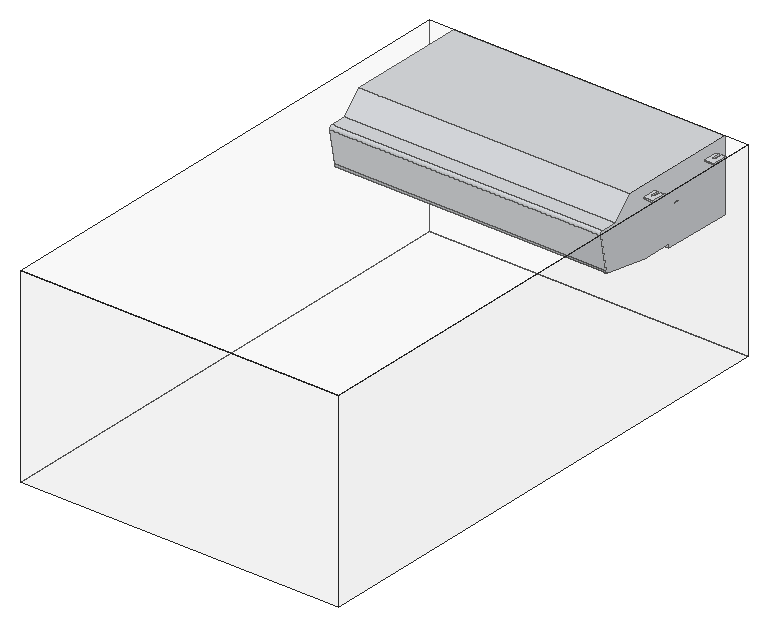
Revit family "pcfy-rp80_140hmg9_50hz", category 機械設備, Revit 2019
Family settings
  丸型コネクタ寸法 = 直径を使用
  パーツ タイプ = 標準
  OmniClass 番号 = 23.75.10.24.21.27.27
  OmniClass タイトル = Split System Air Conditioning Units
  作業面ベース = いいえ
  常に垂直 = はい
  ロード時にボイドで切り取り = いいえ
  共有 = いいえ
  部屋計算ポイント = はい
Parameters (values of type "厨房天吊_PCFY-P80HMG9")
  風量_強 (m3/min) = 19
  風量_弱 (m3/min) = 14
  風量 = MAX風量  # 1140.0 m³/h
  音響パワーレベル（弱）(dB) = 54
  音響パワーレベル(dB) = 57
  電源種別 = ""
  電源_H = 0 mm
  電圧 = 200 V
  電動機出力_送風機 = 0.04 kW
  運転質量 = 0.00 kg
  連動 = ""
  質量 = if(製品質量 > 運転質量, 製品質量, 運転質量) * 1.2  # 49.20 kg
  負荷分類 = 3_ファン類
  構成品番 = "PCFY-P80HMG9"
  冷媒液管位置 = 174 mm
  冷媒ガス管位置 = 197 mm
  ドレン管径 (外径) = 32 mm
  【値が 0 の項目は組合せ形名にてご確認ください】 = ""
  MIN風量 = [風量_弱 (m3/min)] * 60.0 m³/h  # 840.0 m³/h
  MAX風量 = [風量_強 (m3/min)] * 60.0 m³/h  # 1140.0 m³/h
  サービススペース = yes
  ケーブルサイズ = 1.6 mm
  Version = ""
  URL = "https://www.mitsubishielectric.co.jp/ldg/wink/ssl/displayProduct.do?pid=321247"
  Line = not(Width = 1136 mm)  # no
  説明 = "ビル用マルチ 天吊形室内機(厨房用)"
  設計暖房能力 = 0.00 kW
  設計冷房能力_顕熱 = 0 kW
  設計冷房能力 = 0 kW
  設置方法 = "天井吊形"
  記号 = ""
  製造元 = "三菱電機株式会社"
  製品質量 = 41.00 kg
  製品出荷対象 = "国内"
  製品リリース年月 = "2022/9/15"
  製品グループ = ""
  系統 = ""
  符号 = "ACP_CRK"
  積算_科目 = "1 空気調和設備"
  積算_拾い区分 [instance] = ""
  相 = 1
  盤記号 = ""
  発停方法 = "付属スイッチ"
  特殊仕様 = ""
  火災停止 = ""
  消費電力_暖房 = 0.13 kW
  消費電力_冷房 = 0.13 kW
  消費電力 = if(消費電力_冷房 > 消費電力_暖房, 消費電力_冷房, 消費電力_暖房)  # 0.13 kW
  法定耐用年数 = "6"
  極数 = 1
  材質 = ""
  本体マテリアル = none
  有効加湿量 = 0
  暖房能力 = 9.00 kW
  推奨ブレーカー容量 = 15 A
  形式_加湿器 = ""
  形式 = "厨房用天井吊（露出）形"
  幹線記号 = ""
  始動方式 = "直入"
  呼称 = "室内機_厨房用天井吊（露出）形"
  周波数 = 50 Hz
  吊り位置Y = 320 mm
  吊り位置X = 1180 mm
  吊りボルト_H = 43 mm
  台数_手元リモコン = ""
  台数_冷媒分岐ユニット = ""
  参照している仕様書等のバージョン = "公共建築工事標準仕様書（機械設備工事編）平成31年度版"
  加湿給水管径 = 0.00 mm
  分類コード = "50053003221080"
  分類グループ = ""
  冷房能力 = 8 kW
  冷媒高低圧ガス管径 = 0.00 mm
  冷媒管径符号 = "Bd"
  冷媒管径 = 100.00 mm
  冷媒液管高さ = 165 mm
  冷媒液管径 = 9.52 mm
  冷媒ガス管高さ = 165 mm
  冷媒ガス管径 = 15.88 mm
  企業コード = "108420"
  付属品_フィルター = ""
  付属品 = ""
  仕様書バージョン = "Version1.0"
  Model = ""
  パネルマテリアル = none
  ドレン管高さ = 254 mm
  ドレン管径 = 25.00 mm
  コメント [instance] = ""
  ケーブル種類 = ""
  Width = 1136 mm
  Uniclass2015Version = "Systems v1.9"
  Uniclass2015Title = "Split coil remote air cooled condensing units"
  Uniclass2015Code = "Pr_70_65_03_84"
  SpecificationReference = ""
  SpecificationDescription = ""
  S_H = 295 mm
  Revision = ""
  ProductInformation = ""
  OmniClassCode = "23-33 17 13 11"
  IfcTypeProduct = ""
  IfcProduct = ""
  IfcExportType = "AIRCONDITIONINGUNIT"
  IfcExportAs = "IfcUnitaryEquipmentType"
  Height = 280 mm
  Depth = 650 mm
  価格 = 0
  Clearance Top = 2 mm
  Clearance Right = 100 mm
  Clearance Left = 100 mm
  Clearance Front = 1500 mm
  Clearance Bottom = 500 mm
  Clearance Back = 0 mm
  Author = "三菱電機株式会社"
Types (2, lengths in mm): name | 風量_強 (m3/min) | 風量_弱 (m3/min) | 風量 | 音響パワーレベル（弱）(dB) | 音響パワーレベル(dB) | 電動機出力_送風機 | 質量 | 構成品番 | MIN風量 | MAX風量 | URL | Line | 製品質量 | 消費電力_暖房 | 消費電力_冷房 | 消費電力 | 暖房能力 | 吊り位置X | 冷房能力 | Width
  厨房天吊_PCFY-P80HMG9 | 19 | 14 | 1140.0 m³/h | 54 | 57 | 0.04 kW | 49.20 kg | "PCFY-P80HMG9" | 840.0 m³/h | 1140.0 m³/h | "https://www.mitsubishielectric.co.jp/ldg/wink/ssl/displayProduct.do?pid=321247" | no | 41.00 kg | 0.13 kW | 0.13 kW | 0.13 kW | 9.00 kW | 1180 | 8 kW | 1136
  厨房天吊_PCFY-P140HMG9 | 38 | 28 | 2280.0 m³/h | 61 | 68 | 0.16 kW | 67.20 kg | "PCFY-P140HMG9" | 1680.0 m³/h | 2280.0 m³/h | "https://www.mitsubishielectric.co.jp/ldg/wink/ssl/displayProduct.do?pid=321258" | yes | 56.00 kg | 0.30 kW | 0.30 kW | 0.30 kW | 16.00 kW | 1564 | 14 kW | 1520
Reference planes
  plane 1 "中心(正面/背面)": y = 0
  plane 2: z = 0
  plane 3 "中心(左/右)": x = 0
  plane 4: x = 523
  plane 5: z = 3835
  plane 6: x = 438
  plane 7: z = 3835
  plane 8: x = 463
  plane 9: z = 3746
  plane 10: x = 668
  plane 11: x = 568
  plane 12: x = -668
  plane 13: x = -568
  plane 14: y = -650
  plane 15: z = -280
  plane 16: y = -2150
  plane 17: x = -590
  plane 18: x = 590
  plane 19: z = -795
  plane 20: z = -295
  plane 21: x = 558.3
  plane 22: y = -80
  plane 23: y = -400
  plane 24: y = -325
  plane 25: y = -197
  plane 26: y = -174
  plane 27: y = -70
  plane 28: z = -43
  plane 29: z = -165
  plane 30: z = -254
  plane 31: x = 523
  plane 32: x = 438
  plane 33: x = 463
  plane 34: x = 463
  plane 35: z = 3746
  plane 36: z = 2
  plane 37: z = -95
  plane 38: z = -165
Forms (mm)
  Extrusion 1, solid, detail levels fine
    sketch origin (0, -325, -4000) x (0, 1, 0) y (0, 0, 1)
      loop
        line (325, 4000) -> (-171.734, 4000) -> (-246.938, 3924.796) -> (-313.202, 3924.796)
        arc (-313.202, 3924.796) -> (-322.395, 3920.509) -> (-325.02, 3910.712) r 12
        line (-325.02, 3910.712) -> (-299.97, 3768.648)
        arc (-299.97, 3768.648) -> (-294.972, 3759.046) -> (-285.369, 3754.047) r 18
        line (-285.369, 3754.047) -> (-92.277, 3720) -> (35.069, 3720) -> (35.069, 3705) -> (325, 3705) -> (325, 4000)
    from -568 to 568
  Extrusion 2, solid, detail levels fine
    sketch origin (0, 0, 0) x (0, 0, -1) y (-1, 0, 0)
      loop
        circle (165.005, -523) r 7.94
    from -325 to -197
  Extrusion 3, solid, detail levels fine
    sketch origin (0, 0, 0) x (0, 0, -1) y (-1, 0, 0)
      loop
        circle (165.005, -438) r 4.76
    from -174 to -325
  Extrusion 4, solid, detail levels fine
    sketch origin (0, 0, 0) x (0, 0, -1) y (-1, 0, 0)
      loop
        circle (254.005, -463) r 16
    from -70 to -325
  Extrusion 5, solid, detail levels fine
    sketch origin (0, 0, -4000) x (1, 0, 0) y (0, 1, 0)
      loop
        line (568, -370) -> (568, -430) -> (612, -430) -> (612, -370) -> (595, -370) -> (595, -400)
        arc (595, -400) -> (590, -405) -> (585, -400) r 5
        line (585, -400) -> (585, -370) -> (568, -370)
    from 3954.5 to 3959.5
  Extrusion 6, solid, detail levels fine
    sketch origin (0, 320, -4000) x (1, 0, 0) y (0, 1, 0)
      loop
        line (568, -370) -> (568, -430) -> (612, -430) -> (612, -370) -> (595, -370) -> (595, -400)
        arc (595, -400) -> (590, -405) -> (585, -400) r 5
        line (585, -400) -> (585, -370) -> (568, -370)
    from 3954.5 to 3959.5
  Extrusion 7, solid, detail levels fine
    sketch origin (-1180, 0, -4000) x (1, 0, 0) y (0, 1, 0)
      loop
        line (568, -370) -> (568, -430) -> (612, -430) -> (612, -370) -> (595, -370) -> (595, -400)
        arc (595, -400) -> (590, -405) -> (585, -400) r 5
        line (585, -400) -> (585, -370) -> (568, -370)
    from 3954.5 to 3959.5
  Extrusion 8, solid, detail levels fine
    sketch origin (-1180, 320, -4000) x (1, 0, 0) y (0, 1, 0)
      loop
        line (568, -370) -> (568, -430) -> (612, -430) -> (612, -370) -> (595, -370) -> (595, -400)
        arc (595, -400) -> (590, -405) -> (585, -400) r 5
        line (585, -400) -> (585, -370) -> (568, -370)
    from 3954.5 to 3959.5
  Extrusion 9, solid, detail levels fine
    sketch origin (-3.482, 0, 0) x (1, 0, 0) y (0, 0, 1)
      loop
        circle (483.982, -165) r 50
    from 0 to 5
  Extrusion 10, solid, detail levels fine
    sketch origin (0, 160, 0) x (0, 0, -1) y (-1, 0, 0)
      loop
        circle (254.005, -463) r 16
    from -160 to -165
Lines and regions (mm)
  model lines, detail levels fine
    curve 1: line (-493, -647.647, -102.744) -> (-493, -628.546, -211.073)
    curve 2: line (493, -647.647, -102.744) -> (493, -628.546, -211.073)
    curve 3: line (-493, -647.647, -102.744) -> (493, -647.647, -102.744)
    curve 4: line (493, -628.546, -211.073) -> (-493, -628.546, -211.073)
Dimensions and locks
  equal spacing: plane 13, plane 3 "中心(左/右)", plane 11
  "Width": plane 13 to plane 11
  "Clearance Right": plane 11 to plane 10
  "Clearance Left": plane 12 to plane 13
  "Depth": plane 14 to plane 1 "中心(正面/背面)"
  "Height": level to plane 15
  "Clearance Front": plane 16 to plane 14
  equal spacing: plane 17, plane 3 "中心(左/右)", plane 18
  "吊り位置X": plane 17 to plane 18
  "S_H": level to plane 20
  locked: plane 21 to plane 11 at 9.7
  locked: plane 22 to plane 1 "中心(正面/背面)" at 80
  "吊り位置Y": plane 22 to plane 23
  plane 27 to plane 1 "中心(正面/背面)" = 70 mm
  "冷媒液管位置": plane 26 to plane 1 "中心(正面/背面)"  (x2)
  "冷媒ガス管位置": plane 25 to plane 1 "中心(正面/背面)"  (x2)
  plane 24 to plane 25 = 128 mm
  plane 24 to plane 26 = 151 mm
  "Clearance Bottom": plane 20 to plane 19
  "吊りボルト_H": level to plane 28
  level to plane 29 = 165 mm
  level to plane 30 = 254 mm
  plane 31 to plane 11 = 45 mm
  plane 32 to plane 31 = 85 mm
  plane 33 to plane 11 = 105 mm
  "Clearance Back": plane 1 "中心(正面/背面)" to nested 1
  equal spacing: plane 32, Extrusion 9 sketch curve, plane 31
  "Clearance Top": plane 36 to plane 2
  "冷媒ガス管高さ": plane 2 to plane 29
  "冷媒液管高さ": Extrusion 1 to plane 38
  "冷媒液管径": diameter of Extrusion 3 sketch curve
  "冷媒ガス管径": diameter of Extrusion 2 sketch curve
  "ドレン管径 (外径)": diameter of Extrusion 4 sketch curve
  "ドレン管径 (外径)": diameter of Extrusion 10 sketch curve
  aligned and locked: level to plane 2
  aligned and locked: plane 11 to Extrusion 1
  aligned and locked: plane 13 to Extrusion 1
  aligned and locked: plane 12 to nested 1
  aligned and locked: nested 1 to plane 10
  aligned and locked: plane 17 to nested 2
  aligned and locked: nested 2 to plane 18
  aligned and locked: plane 20 to Extrusion 1
  aligned and locked: plane 21 to nested 3
  aligned and locked: nested 1 to plane 16
  aligned and locked: plane 22 to nested 2
  aligned and locked: plane 23 to nested 2
  aligned and locked: plane 1 "中心(正面/背面)" to nested 1
  aligned and locked: plane 36 to nested 1
  aligned and locked: plane 26 to Extrusion 3
  aligned and locked: plane 19 to nested 1
Automatic sketch dimensions
  Extrusion 1 sketch curve to level = 0 mm
  Extrusion 1 sketch curve to plane 15 = 0 mm
  Extrusion 1 sketch curve to plane 20 = 0 mm
  Extrusion 1 sketch curve to plane 1 "中心(正面/背面)" = 0 mm
  plane 24 to Extrusion 1 sketch curve = 35.069 mm
  Extrusion 1 sketch curve to plane 23 = 17.277 mm
  Extrusion 1 sketch curve to plane 23 = 96.734 mm
  Extrusion 1 sketch curve to plane 28 = 32.204 mm
  plane 14 to Extrusion 1 sketch curve = 78.062 mm
  plane 14 to Extrusion 1 sketch curve = 42.756 mm
  plane 30 to Extrusion 1 sketch curve = 8.047 mm
  Extrusion 1 sketch curve to Extrusion 1 sketch curve = 3.126 mm
  Extrusion 1 sketch curve to Extrusion 1 sketch curve = 17.727 mm
  plane 14 to Extrusion 1 sketch curve = 11.798 mm
  Extrusion 1 sketch curve to plane 14 = 0.02 mm
  Extrusion 1 sketch curve to Extrusion 1 sketch curve = 14.601 mm
  Extrusion 1 sketch curve to Extrusion 1 sketch curve = 14.084 mm
  Extrusion 1 to curve 3 = 13.664 mm
  curve 2 to Extrusion 1 = 20.591 mm
  Extrusion 1 to curve 1 = 75 mm
  Extrusion 1 to curve 3 = 75 mm
  Extrusion 5 sketch curve to plane 11 = 0 mm
  Extrusion 5 sketch curve to plane 23 = 0 mm
  Extrusion 5 sketch curve to plane 18 = 0 mm
  Extrusion 5 sketch curve to Extrusion 5 sketch curve = 5 mm
  Extrusion 5 sketch curve to plane 18 = 22 mm
  Extrusion 5 sketch curve to plane 23 = 30 mm
  plane 23 to Extrusion 5 sketch curve = 30 mm
  Extrusion 5 sketch curve to Extrusion 5 sketch curve = 0 mm
  Extrusion 6 sketch curve to plane 11 = 0 mm
  Extrusion 6 sketch curve to plane 22 = 0 mm
  Extrusion 6 sketch curve to plane 18 = 0 mm
  Extrusion 6 sketch curve to Extrusion 6 sketch curve = 5 mm
  Extrusion 6 sketch curve to plane 18 = 22 mm
  Extrusion 6 sketch curve to plane 22 = 30 mm
  plane 27 to Extrusion 6 sketch curve = 20 mm
  Extrusion 6 sketch curve to Extrusion 6 sketch curve = 0 mm
  Extrusion 7 sketch curve to plane 23 = 0 mm
  Extrusion 7 sketch curve to plane 17 = 0 mm
  Extrusion 7 sketch curve to plane 13 = 0 mm
  Extrusion 7 sketch curve to plane 17 = 5 mm
  Extrusion 7 sketch curve to plane 17 = 22 mm
  Extrusion 7 sketch curve to plane 23 = 30 mm
  plane 23 to Extrusion 7 sketch curve = 30 mm
  Extrusion 7 sketch curve to Extrusion 7 sketch curve = 0 mm
  Extrusion 8 sketch curve to plane 22 = 0 mm
  Extrusion 8 sketch curve to plane 17 = 0 mm
  Extrusion 8 sketch curve to plane 13 = 0 mm
  Extrusion 8 sketch curve to plane 17 = 5 mm
  Extrusion 8 sketch curve to plane 17 = 22 mm
  Extrusion 8 sketch curve to plane 22 = 30 mm
  plane 27 to Extrusion 8 sketch curve = 20 mm
  Extrusion 8 sketch curve to Extrusion 8 sketch curve = 0 mm
  Extrusion 9 sketch curve to plane 29 = 0 mm
  Extrusion 1 to Extrusion 2 sketch curve = 45 mm
  Extrusion 2 sketch curve to Extrusion 1 = 129.995 mm
  Extrusion 3 sketch curve to Extrusion 1 = 129.995 mm
  Extrusion 1 to Extrusion 3 sketch curve = 130 mm
  Extrusion 4 sketch curve to Extrusion 1 = 40.995 mm
  Extrusion 1 to Extrusion 4 sketch curve = 105 mm
  plane 33 to Extrusion 10 sketch curve = 0 mm
  Extrusion 10 sketch curve to plane 30 = 0.005 mm
  radius of Extrusion 9 sketch curve = 50 mm
Nested families
  nested 1: "サービススペース" at (0, -1075, -396.5), visible <- "サービススペース", type "サービススペース"
    with Width 1336 mm, Height 797 mm, Depth 2150 mm
  nested 2: "固定点" at (-590, -400, 0), type "固定点"
    with W 1180 mm, D 320 mm
  nested 3: "吸込口" at (-192, 0, -4000), Width <- "Width", type "吸込口"
    with Width 1136 mm, Line no
Connectors
  piping at (480.5, 0, -165), diameter 100, driven by "冷媒管径", driven by "冷媒管径符号"
    settings: on Extrusion 9, index 1, connector inside diameter 609.60 mm, connector length 0 mm, flow factor 0, pipe flow 0.0 L/s, pressure drop 0.0 Pa, fitting loss kfactor 0, connector angle 0.00°, fixture units 0, engagement length 0 mm, angle of deflection 0.00°, flow configuration 1, flow direction 1, fitting loss method 4, system type 7, joint type 0, gender type 0, connector reference index -1, connector utility 0, adjustable connector no, is connector primary yes, connector description "Bd"
  piping at (463, 0, -254.005), diameter 32, driven by "ドレン管径 (外径)"
    settings: on Extrusion 10, index 2, connector inside diameter 609.60 mm, connector length 0 mm, flow factor 0, pipe flow 0.0 L/s, pressure drop 0.0 Pa, fitting loss kfactor 0, connector angle 0.00°, fixture units 0, engagement length 0 mm, angle of deflection 0.00°, flow configuration 1, flow direction 2, fitting loss method 4, system type 16, joint type 0, gender type 0, connector reference index -1, connector utility 0, adjustable connector no, is connector primary no, connector description ""
  electrical at (568, -417.216, -169.727), driven by "極数", driven by "負荷分類", driven by "電圧", driven by "消費電力"
    settings: on Extrusion 1, index 3, voltage 200 V, apparent load 130 VA, apparent load phase1 0 VA, apparent load phase2 0 VA, apparent load phase3 0 VA, power factor 1, load classification "3_ファン類", number of poles 1, system type 30, power factor state 1, is connector primary yes, connector utility no, sub classification motor no, connector description ""
Definition of nested family "サービススペース"
  Parameters (values of type "サービススペース")
    Width [instance] = 500 mm
    Height [instance] = 500 mm
    Depth [instance] = 500 mm
  Reference planes
    plane 1 "中心(正面/背面)": y = 0
    plane 2: z = 0
    plane 3 "中心(左/右)": x = 0
    plane 4: y = -250
    plane 5: x = 250
    plane 6: y = 250
    plane 7: x = -250
    plane 8: z = 250
    plane 9: z = -250
  Forms (mm)
    Extrusion 1, solid
      sketch origin (-638.939, 0, 72.39) x (1, 0, 0) y (0, 1, 0)
        loop
          line (388.939, 250) -> (388.939, -250) -> (888.939, -250) -> (888.939, 250) -> (388.939, 250)
      from -322.39 to 177.61
  Lines and regions (mm)
    symbolic lines
      curve 1: line (-250, 0, 250) -> (250, 0, 250)
      curve 2: line (-250, 0, -250) -> (-250, 0, 250)
      curve 3: line (250, 0, -250) -> (-250, 0, -250)
      curve 4: line (250, 0, 250) -> (250, 0, -250)
      curve 5: line (0, -250, 250) -> (0, 250, 250)
      curve 6: line (0, -250, -250) -> (0, -250, 250)
      curve 7: line (0, 250, -250) -> (0, -250, -250)
      curve 8: line (0, 250, 250) -> (0, 250, -250)
      curve 9: line (-250, 250, 0) -> (250, 250, 0)
      curve 10: line (-250, -250, 0) -> (-250, 250, 0)
      curve 11: line (250, -250, 0) -> (-250, -250, 0)
      curve 12: line (250, 250, 0) -> (250, -250, 0)
  Dimensions and locks
    equal spacing: plane 7, plane 3 "中心(左/右)", plane 5
    equal spacing: plane 4, plane 1 "中心(正面/背面)", plane 6
    "Depth": plane 4 to plane 6
    "Width": plane 7 to plane 5
    equal spacing: plane 8, plane 2, plane 9
    "Height": plane 8 to plane 9
    aligned and locked: plane 9 to curve 3
    aligned and locked: plane 7 to curve 2
    aligned and locked: curve 4 to plane 5
    aligned and locked: plane 5 to Extrusion 1
    aligned and locked: Extrusion 1 to plane 7
    aligned and locked: Extrusion 1 to plane 9
    aligned and locked: plane 8 to Extrusion 1
    aligned and locked: plane 9 to curve 7
  Automatic sketch dimensions
    plane 4 to Extrusion 1 sketch curve = 0 mm
    Extrusion 1 sketch curve to plane 7 = 0 mm
    Extrusion 1 sketch curve to plane 5 = 0 mm
    plane 6 to Extrusion 1 sketch curve = 0 mm
    curve 2 to plane 8 = 0 mm
    plane 4 to curve 11 = 0 mm
    curve 11 to plane 7 = 0 mm
    curve 11 to plane 5 = 0 mm
    plane 6 to curve 10 = 0 mm
    curve 7 to plane 4 = 0 mm
    curve 7 to plane 6 = 0 mm
    curve 6 to plane 8 = 0 mm
Definition of nested family "固定点"
  Parameters (values of type "固定点")
    中心円 = 20 mm
    W [instance] = 1000 mm
    D [instance] = 1000 mm
  Reference planes
    plane 1 "中心(正面/背面)": y = 0
    plane 2: z = 0
    plane 3 "中心(左/右)": x = 0
    plane 4: x = 1000
    plane 5: y = 1000
  Lines and regions (mm)
    symbolic lines, detail levels fine
      curve 1: circle (0, 1000, 0) r 10 normal (0, 0, 1)
      curve 2: circle (0, 0, 0) r 10 normal (0, 0, 1)
      curve 3: circle (1000, 1000, 0) r 10 normal (0, 0, 1)
      curve 4: circle (1000, 0, 0) r 10 normal (0, 0, 1)
      curve 5: line (-200, 1000, 0) -> (1200, 1000, 0)
      curve 6: line (-200, 0, 0) -> (1200, 0, 0)
      curve 7: line (0, 1200, 0) -> (0, -200, 0)
      curve 8: line (1000, 1200, 0) -> (1000, -200, 0)
  Dimensions and locks
    "W": plane 3 "中心(左/右)" to plane 4
    "D": plane 1 "中心(正面/背面)" to plane 5
    "中心円": diameter of curve 1
    "中心円": diameter of curve 2
    "中心円": diameter of curve 3
    "中心円": diameter of curve 4
    aligned and locked: level to plane 2
    aligned and locked: plane 5 to curve 1
    aligned and locked: plane 3 "中心(左/右)" to curve 1
    aligned and locked: plane 3 "中心(左/右)" to curve 2
    aligned and locked: plane 1 "中心(正面/背面)" to curve 2
    aligned and locked: plane 4 to curve 3
    aligned and locked: plane 5 to curve 3
    aligned and locked: plane 1 "中心(正面/背面)" to curve 4
    aligned and locked: plane 4 to curve 4
    aligned and locked: plane 1 "中心(正面/背面)" to curve 6
    aligned and locked: curve 7 to plane 3 "中心(左/右)"
    aligned and locked: curve 8 to plane 4
  Automatic sketch dimensions
    curve 5 to plane 5 = 0 mm
    curve 6 to plane 3 "中心(左/右)" = 200 mm
    curve 5 to plane 3 "中心(左/右)" = 200 mm
    curve 4 to curve 6 = 200 mm
    curve 3 to curve 5 = 200 mm
    plane 1 "中心(正面/背面)" to curve 8 = 200 mm
    plane 1 "中心(正面/背面)" to curve 7 = 200 mm
    curve 3 to curve 8 = 200 mm
    curve 1 to curve 7 = 200 mm
Definition of nested family "吸込口"
  Parameters (values of type "吸込口")
    Width [instance] = 1136 mm
    Line [instance] = not(Width = 1136 mm)  # no
  Reference planes
    plane 1 "Center (Front/Back)": y = 0
    plane 2: z = 0
    plane 3 "Center (Left/Right)": x = 0
  Lines and regions (mm)
    model lines, visible <- "Line", detail levels fine
      curve 1: line (-376.3, -289.931, 3705) -> (-376.3, 0, 3705)
      curve 12: line (-391.3, 0, 3705) -> (-391.3, -289.931, 3705)
      curve 13: line (-750.3, -274.931, 3705) -> (-750.3, -15, 3705)
      curve 14: line (-401.3, -15, 3705) -> (-401.3, -274.931, 3705)
      curve 15: line (-750.3, -15, 3705) -> (-401.3, -15, 3705)
      curve 16: line (-401.3, -274.931, 3705) -> (-750.3, -274.931, 3705)
      curve 17: line (-750.3, -54.429, 3705) -> (-595.903, -274.931, 3705)
      curve 18: line (-401.3, -55, 3705) -> (-555.297, -274.931, 3705)
      curve 19: line (-750.3, -235.571, 3705) -> (-595.854, -15, 3705)
      curve 20: line (-401.3, -235, 3705) -> (-555.346, -15, 3705)
      curve 21: line (-750.3, -274.931, 3705) -> (-750.3, -15, 3705)
      curve 40: line (750.3, -274.931, 3705) -> (750.3, -15, 3705)
    model lines, detail levels fine
      curve 2: line (-7.7, 0, 3705) -> (-7.7, -289.931, 3705)
      curve 3: line (-366.3, -274.931, 3705) -> (-366.3, -15, 3705)
      curve 4: line (-17.7, -15, 3705) -> (-17.7, -274.931, 3705)
      curve 5: line (-366.3, -15, 3705) -> (-17.7, -15, 3705)
      curve 6: line (-17.7, -274.931, 3705) -> (-366.3, -274.931, 3705)
      curve 7: line (-366.3, -55, 3705) -> (-212.303, -274.931, 3705)
      curve 8: line (-17.7, -55, 3705) -> (-171.697, -274.931, 3705)
      curve 9: line (-366.3, -235, 3705) -> (-212.254, -15, 3705)
      curve 10: line (-17.7, -235, 3705) -> (-171.746, -15, 3705)
      curve 11: line (7.3, -289.931, 3705) -> (7.3, 0, 3705)
      curve 22: line (376.3, -289.931, 3705) -> (376.3, 0, 3705)
      curve 23: line (366.3, -274.931, 3705) -> (366.3, -15, 3705)
      curve 24: line (17.7, -15, 3705) -> (17.7, -274.931, 3705)
      curve 25: line (366.3, -15, 3705) -> (17.7, -15, 3705)
      curve 26: line (17.7, -274.931, 3705) -> (366.3, -274.931, 3705)
      curve 27: line (366.3, -55, 3705) -> (212.303, -274.931, 3705)
      curve 28: line (17.7, -55, 3705) -> (171.697, -274.931, 3705)
      curve 29: line (366.3, -235, 3705) -> (212.254, -15, 3705)
      curve 30: line (17.7, -235, 3705) -> (171.746, -15, 3705)
      curve 31: line (391.3, 0, 3705) -> (391.3, -289.931, 3705)
      curve 32: line (750.3, -274.931, 3705) -> (750.3, -15, 3705)
      curve 33: line (401.3, -15, 3705) -> (401.3, -274.931, 3705)
      curve 34: line (750.3, -15, 3705) -> (401.3, -15, 3705)
      curve 35: line (401.3, -274.931, 3705) -> (750.3, -274.931, 3705)
      curve 36: line (750.3, -54.429, 3705) -> (595.903, -274.931, 3705)
      curve 37: line (401.3, -55, 3705) -> (555.297, -274.931, 3705)
      curve 38: line (750.3, -235.571, 3705) -> (595.854, -15, 3705)
      curve 39: line (401.3, -235, 3705) -> (555.346, -15, 3705)
  Dimensions and locks
    aligned and locked: level to plane 2
